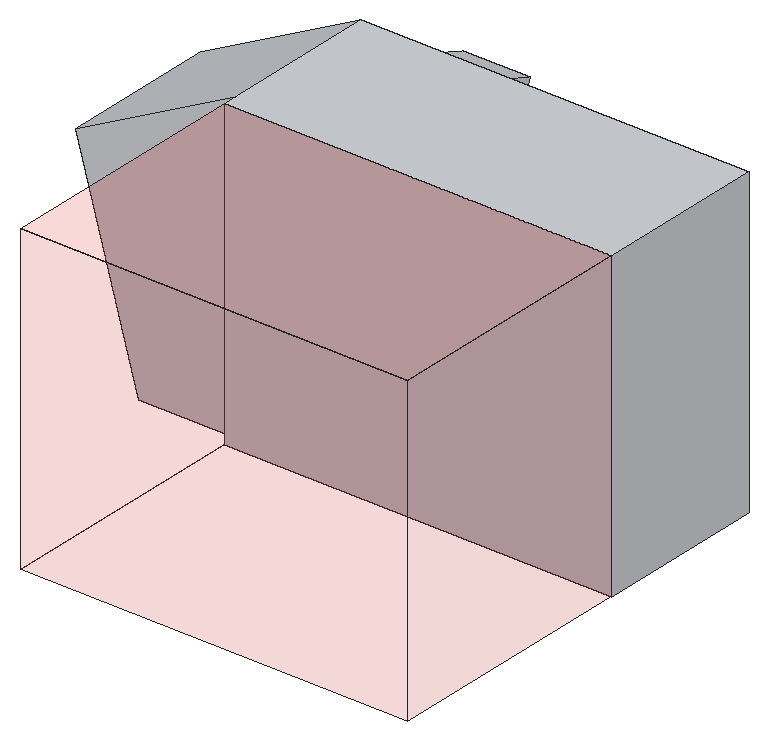
Revit family
Parameters (values of type "115 V Single Phase")
  Weight Scheduled [instance] = 300  # constant formula
  Voltage Workaround = Voltage / 1 V  # 115
  Voltage Scheduled = Voltage  # 115 V
  Voltage = 115 V
  VoltAmps Workaround [instance] = Voltage Workaround * Total FLA * sqrt(Phase)  # 2070
  VoltAmps [instance] = VoltAmps Workaround * 1 VA  # 2070 VA
  URL = "http://www.renewaire.com/_assets/files/SubmittalForms/HE1XRTCSubmittal.pdf"
  Total FLA [instance] = if(or(Supply Motor FLA = 0, Exhaust Motor FLA = 0), 0, (Supply Motor FLA * Supply Motor Count) + (Exhaust Motor FLA * Exhaust Motor Count))  # 18
  Supply Motor RPM Scheduled [instance] = 0
  Supply Motor HP Scheduled [instance] = Supply Motor HP  # 0.75
  Supply Motor HP [instance] = 0.75  # constant formula
  Supply Motor FLA [instance] = if(Supply Damper Position = 0, 0, if(and(Voltage = 115 V, Phase = 1), 9, if(and(or(Voltage = 208 V, Voltage = 230 V), Phase = 1), 4.5, if(and(Voltage = 277 V, Phase = 1), 2.4, if(and(or(Voltage = 208 V, Voltage = 230 V), Phase = 3), 2.3, if(and(Voltage = 460 V, Phase = 3), 1.15, 0))))))  # 9
  Supply Motor Count Scheduled [instance] = Supply Motor Count  # 1
  Supply Motor Count [instance] = 1  # constant formula
  Supply Damper Position [instance] = if(and(or(Supply ESP = -0.75, Supply ESP > -0.75), Supply ESP < -0.5), if(Supply CFM > 1035 CFM, 0, if(Supply CFM > 995 CFM, 100, if(Supply CFM > 980 CFM, 65, if(Supply CFM > 940 CFM, 55, if(Supply CFM > 865 CFM, 45, if(Supply CFM > 795 CFM, 35, if(Supply CFM > 725 CFM, 25, 15))))))), if(and(or(Supply ESP = -0.5, Supply ESP > -0.5), Supply ESP < -0.25), if(Supply CFM > 990 CFM, 0, if(Supply CFM > 950 CFM, 100, if(Supply CFM > 935 CFM, 65, if(Supply CFM > 895 CFM, 55, if(Supply CFM > 825 CFM, 45, if(Supply CFM > 755 CFM, 35, if(Supply CFM > 685 CFM, 25, 15))))))), if(and(or(Supply ESP = -0.25, Supply ESP > -0.25), Supply ESP < 0), if(Supply CFM > 945 CFM, 0, if(Supply CFM > 905 CFM, 100, if(Supply CFM > 890 CFM, 65, if(Supply CFM > 850 CFM, 55, if(Supply CFM > 785 CFM, 45, if(Supply CFM > 715 CFM, 35, if(Supply CFM > 645 CFM, 25, 15))))))), if(and(or(Supply ESP = 0, Supply ESP > 0), Supply ESP < 0.25), if(Supply CFM > 890 CFM, 0, if(Supply CFM > 855 CFM, 100, if(Supply CFM > 845 CFM, 65, if(Supply CFM > 810 CFM, 55, if(Supply CFM > 745 CFM, 45, if(Supply CFM > 680 CFM, 35, if(Supply CFM > 615 CFM, 25, 15))))))), if(and(or(Supply ESP = 0.25, Supply ESP > 0.25), Supply ESP < 0.5), if(Supply CFM > 845 CFM, 0, if(Supply CFM > 805 CFM, 100, if(Supply CFM > 795 CFM, 65, if(Supply CFM > 760 CFM, 55, if(Supply CFM > 700 CFM, 45, if(Supply CFM > 640 CFM, 35, if(Supply CFM > 580 CFM, 25, 15))))))), if(and(or(Supply ESP = 0.5, Supply ESP > 0.5), Supply ESP < 0.75), if(Supply CFM > 790 CFM, 0, if(Supply CFM > 760 CFM, 100, if(Supply CFM > 755 CFM, 65, if(Supply CFM > 720 CFM, 55, if(Supply CFM > 665 CFM, 45, if(Supply CFM > 605 CFM, 35, if(Supply CFM > 545 CFM, 25, 15))))))), if(Supply ESP = 0.75, if(Supply CFM > 605 CFM, 0, if(Supply CFM > 605 CFM, 100, if(Supply CFM > 755 CFM, 65, if(Supply CFM > 720 CFM, 55, if(Supply CFM > 665 CFM, 45, if(Supply CFM > 605 CFM, 35, if(Supply CFM > 545 CFM, 25, 15))))))), 0)))))))  # 15
  Supply ESP Scheduled [instance] = Supply ESP  # 0
  Supply ESP [instance] = 0
  Supply CFM Scheduled [instance] = Supply CFM  # 0 CFM
  Supply CFM [instance] = 0 CFM
  Supply Air Winter RH Scheduled [instance] = 0
  Supply Air Winter DB Scheduled [instance] = 0
  Supply Air Summer RH Scheduled [instance] = 0
  Supply Air Summer DB Scheduled [instance] = 0
  Phase Scheduled = Phase  # 1
  Phase = 1
  Outside Air Winter RH Scheduled [instance] = 0
  Outside Air Winter DB Scheduled [instance] = 0
  Outside Air Summer RH Scheduled [instance] = 0
  Outside Air Summer DB Scheduled [instance] = 0
  Number of Poles = 1
  Model = "HE1XRTC"
  Manufacturer = "RenewAire"
  MOCP Scheduled [instance] = MOCP  # 25
  MOCP [instance] = if(Total FLA = 0, 0, if(and(Voltage = 115 V, Phase = 1), 25, if(and(or(Voltage = 208 V, Voltage = 230 V), Phase = 1), 15, if(and(Voltage = 277 V, Phase = 1), 15, if(and(or(Voltage = 208 V, Voltage = 230 V), Phase = 3), 15, if(and(Voltage = 460 V, Phase = 3), 15, 0))))))  # 25
  MCA Scheduled [instance] = MCA  # 20.3
  MCA [instance] = if(Total FLA = 0, 0, if(and(Voltage = 115 V, Phase = 1), 20.3, if(and(or(Voltage = 208 V, Voltage = 230 V), Phase = 1), 10.1, if(and(Voltage = 277 V, Phase = 1), 5.4, if(and(or(Voltage = 208 V, Voltage = 230 V), Phase = 3), 5.2, if(and(Voltage = 460 V, Phase = 3), 2.6, 0))))))  # 20.3
  FLA Scheduled [instance] = Total FLA  # 18
  Exhaust RH Scheduled [instance] = 0
  Exhaust Motor RPM Scheduled [instance] = 0
  Exhaust Motor HP Scheduled [instance] = Exhaust Motor HP  # 0.75
  Exhaust Motor HP [instance] = 0.75  # constant formula
  Exhaust Motor FLA [instance] = if(Exhaust Damper Position = 0, 0, if(and(Voltage = 115 V, Phase = 1), 9, if(and(or(Voltage = 208 V, Voltage = 230 V), Phase = 1), 4.5, if(and(Voltage = 277 V, Phase = 1), 2.4, if(and(or(Voltage = 208 V, Voltage = 230 V), Phase = 3), 2.3, if(and(Voltage = 460 V, Phase = 3), 1.15, 0))))))  # 9
  Exhaust Motor Count Scheduled [instance] = Exhaust Motor Count  # 1
  Exhaust Motor Count [instance] = 1  # constant formula
  Exhaust Damper Position [instance] = if(and(or(Exhaust ESP = -0.5, Exhaust ESP > -0.5), Exhaust ESP < -0.25), if(Exhaust CFM > 990 CFM, 0, if(Exhaust CFM > 950 CFM, 100, if(Exhaust CFM > 935 CFM, 65, if(Exhaust CFM > 895 CFM, 55, if(Exhaust CFM > 825 CFM, 45, if(Exhaust CFM > 755 CFM, 35, if(Exhaust CFM > 685 CFM, 25, 15))))))), if(and(or(Exhaust ESP = -0.25, Exhaust ESP > -0.25), Exhaust ESP < 0), if(Exhaust CFM > 945 CFM, 0, if(Exhaust CFM > 905 CFM, 100, if(Exhaust CFM > 890 CFM, 65, if(Exhaust CFM > 850 CFM, 55, if(Exhaust CFM > 785 CFM, 45, if(Exhaust CFM > 715 CFM, 35, if(Exhaust CFM > 645 CFM, 25, 15))))))), if(and(or(Exhaust ESP = 0, Exhaust ESP > 0), Exhaust ESP < 0.25), if(Exhaust CFM > 890 CFM, 0, if(Exhaust CFM > 855 CFM, 100, if(Exhaust CFM > 845 CFM, 65, if(Exhaust CFM > 810 CFM, 55, if(Exhaust CFM > 745 CFM, 45, if(Exhaust CFM > 680 CFM, 35, if(Exhaust CFM > 615 CFM, 25, 15))))))), if(and(or(Exhaust ESP = 0.25, Exhaust ESP > 0.25), Exhaust ESP < 0.5), if(Exhaust CFM > 845 CFM, 0, if(Exhaust CFM > 805 CFM, 100, if(Exhaust CFM > 795 CFM, 65, if(Exhaust CFM > 760 CFM, 55, if(Exhaust CFM > 700 CFM, 45, if(Exhaust CFM > 640 CFM, 35, if(Exhaust CFM > 580 CFM, 25, 15))))))), if(Exhaust ESP = 0.5, if(Exhaust CFM > 790 CFM, 0, if(Exhaust CFM > 760 CFM, 100, if(Exhaust CFM > 755 CFM, 65, if(Exhaust CFM > 720 CFM, 55, if(Exhaust CFM > 665 CFM, 45, if(Exhaust CFM > 605 CFM, 35, if(Exhaust CFM > 545 CFM, 25, 15))))))), 0)))))  # 15
  Exhaust ESP Scheduled [instance] = Exhaust ESP  # 0
  Exhaust ESP [instance] = 0
  Exhaust DB Scheduled [instance] = 0
  Exhaust CFM Scheduled [instance] = Exhaust CFM  # 0 CFM
  Exhaust CFM [instance] = 0 CFM
  Enthalpy Effect Winter Scheduled [instance] = 0
  Enthalpy Effect Summer Scheduled [instance] = 0
Types (8): name | Voltage Workaround | Voltage Scheduled | Voltage | VoltAmps Workaround | VoltAmps | Total FLA | Supply Motor FLA | Phase Scheduled | Phase | Number of Poles | MOCP Scheduled | MOCP | MCA Scheduled | MCA | FLA Scheduled | Exhaust Motor FLA
  (no name) | 115 | 115 V | 115 V | 2070 | 2070 VA | 18 | 9 | 1 | 1 | 1 | 25 | 25 | 20.3 | 20.3 | 18 | 9
  115 V Single Phase | 115 | 115 V | 115 V | 2070 | 2070 VA | 18 | 9 | 1 | 1 | 1 | 25 | 25 | 20.3 | 20.3 | 18 | 9
  208 V Single Phase | 208 | 208 V | 208 V | 1872 | 1872 VA | 9 | 4.5 | 1 | 1 | 2 | 15 | 15 | 10.1 | 10.1 | 9 | 4.5
  230 V Single Phase | 230 | 230 V | 230 V | 2070 | 2070 VA | 9 | 4.5 | 1 | 1 | 2 | 15 | 15 | 10.1 | 10.1 | 9 | 4.5
  277 V Single Phase | 277 | 277 V | 277 V | 1329.6 | 1329.6 VA | 4.8 | 2.4 | 1 | 1 | 1 | 15 | 15 | 5.4 | 5.4 | 4.8 | 2.4
  208 V Three Phase | 208 | 208 V | 208 V | 1657.2262 | 1657.23 VA | 4.6 | 2.3 | 3 | 3 | 3 | 15 | 15 | 5.2 | 5.2 | 4.6 | 2.3
  230 V Three Phase | 230 | 230 V | 230 V | 1832.5098 | 1832.51 VA | 4.6 | 2.3 | 3 | 3 | 3 | 15 | 15 | 5.2 | 5.2 | 4.6 | 2.3
  460 V Three Phase | 460 | 460 V | 460 V | 1832.5098 | 1832.51 VA | 2.3 | 1.15 | 3 | 3 | 3 | 15 | 15 | 2.6 | 2.6 | 2.3 | 1.15
Reference planes (in)
  plane 1 "Center (Front/Back)": y = 0
  plane 2: z = 0
  plane 3 "Center (Left/Right)": x = 0
Forms (in)
  Extrusion 1, solid
    sketch origin (0, 0, 0) x (1, 0, 0) y (0, 1, 0)
      loop
        line (-25.5, 11.25) -> (-25.5, -11.25) -> (25.5, -11.25) -> (25.5, 11.25) -> (-25.5, 11.25)
    from 0 to 40.25
  Extrusion 2, solid
    sketch origin (25.5, 11.90407, 0) x (0, -1, 0) y (0, 0, -1)
      loop
        line (18.65407, -17.625) -> (18.65407, -6.625) -> (2.65407, -6.625) -> (2.65407, -17.625) -> (18.65407, -17.625)
      loop
        line (18.65407, -32.125) -> (18.65407, -21.125) -> (2.65407, -21.125) -> (2.65407, -32.125) -> (18.65407, -32.125)
    from -0.96404 to 0
  Extrusion 3, solid
    sketch origin (0, 0, 0) x (1, 0, 0) y (0, 0, 1)
      loop
        line (-25.5, 40.25) -> (-46.625, 29.01764) -> (-38.30433, 0) -> (-25.5, 0) -> (-25.5, 40.25)
    from -11.25 to 9.3857
  Extrusion 4, solid
    sketch origin (0, 0, 0) x (0, 1, 0) y (0, 0, 1)
      loop
        line (11.25, 38.25) -> (11.25, 32.3587) -> (18.27898, 29.66053) -> (20.25, 34.79522) -> (11.25, 38.25)
    from -19.32773 to -10.53056
  Extrusion 5, solid
    sketch origin (0, 0, 0) x (1, 0, 0) y (0, 1, 0)
      loop
        line (25.5, -11.25) -> (-25.5, -11.25) -> (-25.5, -44.875) -> (25.5, -44.875) -> (25.5, -11.25)
    from 0 to 40.25
Cuts and joins
  joined: Extrusion 1, Extrusion 2, Extrusion 3, Extrusion 4
Lines and regions (in)
  symbolic lines
    curve 1: line (26.5, 0, 22.625) -> (26.5, 0, 36.125)
Dimensions and locks (in)
  equal spacing: Extrusion 1 sketch curve, plane 3 "Center (Left/Right)", Extrusion 1 sketch curve
  equal spacing: Extrusion 1 sketch curve, plane 1 "Center (Front/Back)", Extrusion 1 sketch curve
  plane 1 "Center (Front/Back)" to Extrusion 1 sketch curve = 0' - 11 1/4"
  Extrusion 1 sketch curve to plane 3 "Center (Left/Right)" = 2' - 1 1/2"
Connectors (in)
  hvac at (25.5, 1.25, 26.625), driven by "Supply CFM"
    settings: on cut or joined group of Extrusion 1, Extrusion 2, Extrusion 3, Extrusion 4, index 1, duct flow 0 CFM, flow factor 0, pres drop 0.00 in-wg, loss coef 0, conn angle 0.00°, conn width 16", conn height 11", conn radius 12", duct sys type 1, conn prof type 1, flow config 0, flow direction 2, loss method 0, conn ref index -1, conn util no, is conn primary yes, conn desc ""
  hvac at (25.5, 1.25, 12.125), driven by "Exhaust CFM"
    settings: on cut or joined group of Extrusion 1, Extrusion 2, Extrusion 3, Extrusion 4, index 2, duct flow 0 CFM, flow factor 0, pres drop 0.00 in-wg, loss coef 0, conn angle 0.00°, conn width 16", conn height 11", conn radius 12", duct sys type 3, conn prof type 1, flow config 0, flow direction 1, loss method 0, conn ref index -1, conn util no, is conn primary no, conn desc ""
  electrical at (-33.98233, 11.25, 17.31691), driven by "VoltAmps", driven by "Voltage", driven by "Number of Poles"
    settings: on Extrusion 3, index 3, voltage 115 V, apparent load 2070 VA, apparent load phase1 0 VA, apparent load phase2 0 VA, apparent load phase3 0 VA, power factor 1, load classification "HVAC", number of poles 1, system type 30, power factor state 1, is connector primary yes, connector utility no, sub classification motor no, connector description ""
